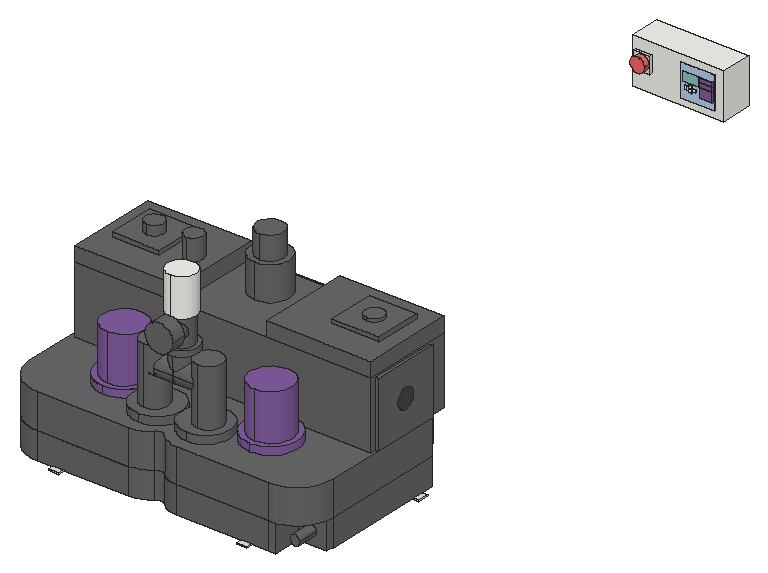
Revit family "11030", category Generic Models, Revit 2021
Family settings
  Can host rebar = No
  Round Connector Dimension = Use Diameter
  Part Type = Normal
  Work Plane-Based = No
  Always vertical = Yes
  Cut with Voids When Loaded = No
  Shared = Yes
  Room Calculation Point = No
Parameters (values of type "11030")
  SUPPLIER = "KESSEL"
  SA700ID49 = "Protection Class I"
  SA700ID48 = "no"
  SA700ID47 = "no"
  SA700ID46 = "yes"
  SA700ID37 = 8000 mm
  SA700ID34 = 40
  SA700ID33 = 1.4 W
  SA700ID32 = 109.59 kg
  SA700ID31 = 1
  SA700ID30 = 2
  SA700ID29 = "RWDR"
  SA700ID21 = 800
  SA700ID10 = "yes"
  SA700ID08 = 400 V
  PROCUREWEBLINK = "https://p.caden.as/kessel/11030"
  PROCURELINK = "p.caden.as/kessel/11030"
  PROCUREDATALASTUPDATE = "2024-05-22T12:17:49.308226711+01:00"
  PREVIEW = "../../_pool_/9e/93/11030.png"
  PRC_SPECIFICATIONLINK = "https://ausschreiben.de/catalog/kessel/catalogItem/760a9cfd-4faf-4e05-b26a-7d9deb1058a4"
  NN = "Lifting station Aqualift F XL"
  NBSYN = "$SA810ID03."
  NB = "11030"
  Model = "11030"
  Manufacturer = "KESSEL"
  MIdent = "{$CADENAS_DATA/23d-libs/kessel/kessel_vdi_import/4/entwaesserung/hebeanlage20aqualift20f20xl.prj},201 {STYP=ASS},{VTYP=3D},{NB=11030},{LINA=11030},{NN=Lifting station Aqualift F XL},{DATE=21.11.2022 10:48:11},{GEOMDATE=21.11.2022 10:48:11},{VERSION=},{LINEID=310},{WBVAR=LODLEVEL},{WBNUMERIC=LODLEVEL}  {NB=11030},{LINA=11030},{KT=DUMMY},{PREVIEW=../../_pool_/9e/93/11030.png},{SA700ID04=Hebeanlage Aqualift F XL 300 l, Duo, SPF 1500-S3, Schieber},{SA810ID06=04026092056974},{SA700ID34=40.00},{SA010ID03=201805},{SA810ID03=11030},{SA810ID10=Aqualift F XL 1500W-S3 Duo 300L m.S.KESSEL Aqualift F XL Hebeanlage für fäkalienhaltiges und fäkalienfreies Abwasser. Zur Aufstellung in frostgeschützten Räumen.Duoanlage mit zwei Pumpen des Typs SPF 1500-S3 Sammelbehälter aus Polyethylen, mit verschraubter Reinigungsöffnung,Anschlussstutzen für Zulauf von oben DN100/150.Inklusive Tauchrohr zur pneumatischen Niveauerfassung,Entlüftungsanschluss DN 70 und Anschluss für eine Handmembranpumpe DN 32.Behälter inklusive Haltewinkel zur Auftriebssicherung.Behältervolumen 300 Liter, max. Nutzvolumen bei Zulauf von oben ca. 175 Liter.Zwei seitliche und drei rückseitige Anbohrflächen zur Montage weiterer Zuläufe bis DN 200 unter Verwendung von Durchgangsdichtungen.Inklusive KESSEL Schaltgerät Aqualift Comfort 400 V.Anwenderfreundliche Menüführung im mehrzeiligem Display. MitSelbstdiagnosesystem (SDS) und Erinnerungsfunktion für nächste Wartung.Anzeige der aktuellen Messwerte. Einfache Einstellung derfunktionsrelevanten Parameter, inklusive Betriebsstundenzähler und potentialfreiem Kontakt. Optionale Weiterleitung von Alarm- und Sammelstörmeldung über GSM Schnittstelle.Schaltgerät mit Volltextanzeige in sechs Sprachen.Abwasserpumpe(n) mit Freistromrad zur Förderung von fäkalienfreiem und fäkalienhaltigem Abwasser gemäß DIN EN 12050-1. Freier Kugeldurchgang mindestens 40 mm. Pumpe(n) überflutungssicher.Inklusive Rückflussverhinderer, mit Druckabgang aus Kunststoff DN 100. Inklusive Absperrschieber.Pumpe(n) Typ SPF 1500-S3Fördermenge: max. 40 m³/hFörderhöhe: max. 8 mNennleistung (P2): 1,1 KW je PumpeAufnahmeleistung (P1): 1,4 KW je PumpeBetriebsspannung: 400 V DSNennfrequenz: 50 HzNennstrom: 2,7 AAbsicherung: 3 x 16 A trägeSchutzart (Pumpe): IP68 3mWS/48hSchutzart (Schaltgerät): IP 65Bertiebsart: S3 (50 % Einschaltdauer)Kabellänge: 5 mAußenmaße Anlage mit 300 Liter Behälter (BxTxH): 1260 x 760 x 770 mm},{SA700ID37=8.00},{SA700ID33=1.40},{SA700ID08=400},{SA700ID30=2},{SA700ID32=109.59},{SA700ID49=Schutzklasse I},{SA700ID50=intern},{SA200ID03=6},{SA250ID03=vertikal},{SA260ID03=Trockenläuferpumpe},{SA350ID03=normalansaugend},{SA400ID03=E-Motor für Drehstrom},{SA460ID03=direkt},{SA500ID03=Kunststoff, Edelstahl},{SA700ID06=100},{SA700ID07=100},{SA700ID09=3/N/PE 400V},{SA700ID10=Ja},{SA700ID11=50},{SA700ID12=IP 68},{SA700ID13=F},{SA700ID15=40},{SA700ID21=800.00},{SA700ID22=1.10},{SA700ID23=1415},{SA700ID24=1415},{SA700ID26=2.70},{SA700ID27=21.00},{SA700ID28=durchgehend},{SA700ID29=RWDR},{SA700ID31=1},{SA700ID46=ja},{SA700ID47=nein},{SA700ID48=nein},{SA110ID04=Hebeanlage Aqualift F XL},{SA300ID03=einstufig},{SA700ID44=10.00},{SA700ID45=10.00},{SA010ID04=KESSEL AG},{LODLEVEL=200},{LINK=https://www.kessel.de/info?han=11030},{SA970ID01=970},{SA970ID02=7174},{SA970ID03=11030},{SA970ID04=11002617},{SA970ID05=QUAD},{SA970ID06=-655.5},{SA970ID07=-636},{SA970ID08=0},{SA970ID09=1},{SA970ID10=0},{SA970ID11=0},{SA970ID12=0},{SA970ID13=1},{SA970ID14=0},{SA970ID15=1311},{SA970ID16=786.5},{SA970ID17=819},{LODLEVEL_=200,'Low'},{LODLEVEL_DEU=200,'Low'},{LINK_=https://www.kessel.de/info?han=11030},{LINK_DEU=https://www.kessel.de/info?han=11030},{LODLEVEL_3DB=11030_200},{DNIN1=100},{DNIN2=70},{DNIN4=10},{DNIN5=10},{DNIN6=50},{DNIN7=50},{DNIN8=50},{DNIN9=50},{DNOUT1=32},{DNOUT2=100},{DNOUT3=70},{ISD1=96},{ISD2=10},{ISDOUT1=40},{ISDOUT2=85},{ISDOUT3=70},{SA010ID01=010},{SA010ID02=4},{SA010ID06=www.kessel.de},{SA010ID07=www.kessel.de},{SA010ID12=20180713},{SA010ID13=DEU},{SA010ID14=DE},{SA100ID01=100},{SA100ID02=4},{SA100ID04=Entwässerung},{SA110ID01=110},{SA110ID02=6},{SA200ID01=200},{SA200ID02=6},{SA250ID01=250},{SA250ID02=2},{SA260ID01=260},{SA260ID02=2},{SA300ID01=300},{SA300ID02=1},{SA350ID01=350},{SA350ID02=1},{SA400ID01=400},{SA400ID02=2},{SA460ID01=460},{SA460ID02=1},{SA500ID01=500},{SA500ID02=1},{SA700ID01=700},{SA700ID02=48},{SA700ID10_=1},{SA700ID16=0},{SA700ID25=0},{SA700ID46_=1},{SA700ID47_=0},{SA700ID48_=0},{SA700ID49_=1},{SA700ID50_=2},{SA800ID01=800},{SA800ID02=12},{SA810ID01=810},{SA810ID02=48},{SA810ID04=11030},{SA810ID07=48},{SA810ID09=1},{SA810ID14=PCE},{SA810ID15=1},{SA810ID16=NMP},{SA960ID03=48},{SA960ID04=3L},{SA960ID08=https://www.kessel.de/info?han=11030},{SA010ID08=4026092000007},{SA100ID05=Hebeanlage},{SA110ID06=Hebeanlage}"
  LINK = "https://www.kessel.de/info?han=11030"
  LINA = "11030"
  Default Elevation = 0 mm
  CREATOR = "CADENAS GmbH"
  CATALOG = "KESSEL"
  BOMINFO = "LINA"
  ARTICLENO = "NB"
  4.810.00.9 Order quantity (multiplicator) = "1"
  4.810.00.7 Media- connection number = "48"
  4.810.00.6 GTIN number = "04026092056974"
  4.810.00.4 DATANORM number = "11030"
  4.810.00.3 Producer order number = "11030"
  4.710.03.7 Mass (net) = 109.59 kg
  4.710.03.6 Height = 806 mm
  4.710.03.5 Width = 760 mm
  4.710.03.4 Length = 1260 mm
  4.710.03.3 Type of dimensions = "2"
  4.710.02.8 Area of application of wastewater pump = "1"
  4.710.02.7 Art des S2/S3-Betriebs = "50 %"
  4.710.02.6 Duty type = "S3"
  4.710.02.5 Cutting device = "0"
  4.710.02.4 Attached pump control = "1"
  4.710.02.3 Free passage = 40 mm
  4.710.01.6 Option to connect to building automation = "40"
  4.710.01.5 Load regulation = "0"
  4.710.01.4 Designation of closed-loop control = "175"
  4.710.01.3 Identifier for closed-loop control = "300"
  4.700.00.9 Voltage = 0
  4.700.00.8 Nominal connection size on suction side = "100"
  4.700.00.7 Nominal connection size on pressure side = "100"
  4.700.00.6 Type of connection = "100"
  4.700.00.4 Product indentification = "Hebeanlage Aqualift F XL 300 l, Duo, SPF 1500-S3, Schieber"
  4.700.00.28 Motor pump shaft = "durchgehend"
  4.700.00.27 Starting current = 21
  4.700.00.26 Maximum power consumption per pump / drive = 2.7
  4.700.00.25 Minimum speed at internal speed adjustment = 0
  4.700.00.24 Nominal speed / maximum speed n = 23.5833
  4.700.00.23 Nominal speed of motor = 23.5833
  4.700.00.22 Maximum shaft output (P2) per pump/drive = 1.1 W
  4.700.00.16 Maximum temperature of pumped medium = 0 °C
  4.700.00.15 Increased safety class = "40 °C"
  4.700.00.13 Type of protection = "F"
  4.700.00.12 Frequency = 0
  4.700.00.11 Stern-/Dreieck-Anlaufschaltung bei Dreiphasenanschluss oder Drehstrom = "50 Hz"
  4.700.00.10 Phase = "1"
  4.500.00.3 Variant / Variant type / Accessories-name = "Kunststoff, Edelstahl"
  4.460.00.3 Variant / Variant type / Accessories-name = "direkt"
  4.400.00.3 Variant / Variant type / Accessories-name = "E-Motor für Drehstrom"
  4.350.00.3 Variant / Variant type / Accessories-name = "normalansaugend"
  4.300.00.3 Variant / Variant type / Accessories-name = "einstufig"
  4.260.00.3 Variant / Variant type / Accessories-name = "Trockenläuferpumpe"
  4.250.00.3 Variant / Variant type / Accessories-name = "vertikal"
  4.200.00.3 Variant / Variant type / Accessories-name = "6"
  4.110.00.6 Product classification = "Hebeanlage"
  4.110.00.4 Product indentification = "Hebeanlage Aqualift F XL"
  4.100.00.5 Main groups of wares = "Hebeanlage"
  4.100.00.4 Product indentification = "Entwässerung"
  4.010.00.8 Producer ID number = "4026092000007"
  4.010.00.7 Comment = "www.kessel.de"
  4.010.00.6 Web address of the manufacturer = "www.kessel.de"
  4.010.00.4 Manufacturer name = "KESSEL AG"
  4.010.00.3 Date of issuance (month) of guideline = "201805"
  4.010.00.2 Sheet number of the guideline = "4"
  4.010.00.14 Kennungen der Projektländer, für die die Datei gültig ist = "DE"
  4.010.00.13 Sprache der Datei = "DEU"
  4.010.00.12 Stand des Herstellerkatalogs = "20180713"
Reference planes
  plane 1 "Center (Front/Back)": y = 0
  plane 2: z = 0
  plane 3 "Center (Left/Right)": x = 0
Dimensions and locks
  aligned and locked: level to plane 2
Nested families
  nested 1: "11030_content" at (0, 0, 0), type "11030_Content"
  nested 2: "11030_part1_X0Y0" at (1000, 1000, 1200), type "11030_PART1_X0Y0"
  nested 3: "11030_part2_X0Y0" at (0, 0, 0), type "11030_PART2_X0Y0"
Connectors
  electrical at (861, 933, 1201.5)
    settings: on nested 2, index 1, voltage 0 V, apparent load 0 VA, apparent load phase1 0 VA, apparent load phase2 0 VA, apparent load phase3 0 VA, power factor 1, load classification "Other", number of poles 1, system type 31, power factor state 1, is connector primary yes, connector utility no, sub classification motor no, connector description ""
  piping at (0, 0, 771), diameter 100
    settings: on nested 3, index 2, connector inside diameter 609.6 mm, connector length 0 mm, flow factor 0, pipe flow 0.0 L/s, pressure drop 0.0 Pa, fitting loss kfactor 0, connector angle 0.00°, fixture units 0, engagement length 0 mm, angle of deflection 0.00°, flow configuration 0, flow direction 1, fitting loss method 2, system type 8, joint type 0, gender type 0, connector reference index -1, connector utility 0, adjustable connector no, is connector primary yes, connector description ""
  piping at (631, -85, 392), diameter 70
    settings: on nested 3, index 3, connector inside diameter 609.6 mm, connector length 0 mm, flow factor 0, pipe flow 0.0 L/s, pressure drop 0.0 Pa, fitting loss kfactor 0, connector angle 0.00°, fixture units 0, engagement length 0 mm, angle of deflection 0.00°, flow configuration 0, flow direction 0, fitting loss method 2, system type 8, joint type 0, gender type 0, connector reference index -1, connector utility 0, adjustable connector no, is connector primary no, connector description ""
  piping at (358.7, 150.5, 392), diameter 70
    settings: on nested 3, index 4, connector inside diameter 609.6 mm, connector length 0 mm, flow factor 0, pipe flow 0.0 L/s, pressure drop 0.0 Pa, fitting loss kfactor 0, connector angle 0.00°, fixture units 0, engagement length 0 mm, angle of deflection 0.00°, flow configuration 0, flow direction 0, fitting loss method 2, system type 8, joint type 0, gender type 0, connector reference index -1, connector utility 0, adjustable connector no, is connector primary no, connector description ""
  piping at (0, 150.5, 392), diameter 70
    settings: on nested 3, index 5, connector inside diameter 609.6 mm, connector length 0 mm, flow factor 0, pipe flow 0.0 L/s, pressure drop 0.0 Pa, fitting loss kfactor 0, connector angle 0.00°, fixture units 0, engagement length 0 mm, angle of deflection 0.00°, flow configuration 0, flow direction 0, fitting loss method 2, system type 8, joint type 0, gender type 0, connector reference index -1, connector utility 0, adjustable connector no, is connector primary no, connector description ""
  piping at (-357.7, 150.5, 392), diameter 70
    settings: on nested 3, index 6, connector inside diameter 609.6 mm, connector length 0 mm, flow factor 0, pipe flow 0.0 L/s, pressure drop 0.0 Pa, fitting loss kfactor 0, connector angle 0.00°, fixture units 0, engagement length 0 mm, angle of deflection 0.00°, flow configuration 0, flow direction 0, fitting loss method 2, system type 8, joint type 0, gender type 0, connector reference index -1, connector utility 0, adjustable connector no, is connector primary no, connector description ""
  piping at (-630, -85, 392), diameter 70
    settings: on nested 3, index 7, connector inside diameter 609.6 mm, connector length 0 mm, flow factor 0, pipe flow 0.0 L/s, pressure drop 0.0 Pa, fitting loss kfactor 0, connector angle 0.00°, fixture units 0, engagement length 0 mm, angle of deflection 0.00°, flow configuration 0, flow direction 0, fitting loss method 2, system type 8, joint type 0, gender type 0, connector reference index -1, connector utility 0, adjustable connector no, is connector primary no, connector description ""
  piping at (0, -578, 611), diameter 100
    settings: on nested 3, index 8, connector inside diameter 609.6 mm, connector length 0 mm, flow factor 0, pipe flow 0.0 L/s, pressure drop 0.0 Pa, fitting loss kfactor 0, connector angle 0.00°, fixture units 0, engagement length 0 mm, angle of deflection 0.00°, flow configuration 0, flow direction 2, fitting loss method 2, system type 7, joint type 0, gender type 0, connector reference index -1, connector utility 0, adjustable connector no, is connector primary no, connector description ""
  piping at (-269.5, -60, 681), diameter 70
    settings: on nested 3, index 9, connector inside diameter 609.6 mm, connector length 0 mm, flow factor 0, pipe flow 0.0 L/s, pressure drop 0.0 Pa, fitting loss kfactor 0, connector angle 0.00°, fixture units 0, engagement length 0 mm, angle of deflection 0.00°, flow configuration 0, flow direction 2, fitting loss method 2, system type 7, joint type 0, gender type 0, connector reference index -1, connector utility 0, adjustable connector no, is connector primary no, connector description ""
  piping at (565, -575.5, 56), diameter 32
    settings: on nested 3, index 10, connector inside diameter 609.6 mm, connector length 0 mm, flow factor 0, pipe flow 0.0 L/s, pressure drop 0.0 Pa, fitting loss kfactor 0, connector angle 0.00°, fixture units 0, engagement length 0 mm, angle of deflection 0.00°, flow configuration 0, flow direction 2, fitting loss method 2, system type 7, joint type 0, gender type 0, connector reference index -1, connector utility 0, adjustable connector no, is connector primary no, connector description ""
  electrical at (305.4, -376.25, 477)
    settings: on nested 3, index 11, voltage 0 V, apparent load 0 VA, apparent load phase1 0 VA, apparent load phase2 0 VA, apparent load phase3 0 VA, power factor 1, load classification "Other", number of poles 1, system type 31, power factor state 1, is connector primary no, connector utility no, sub classification motor no, connector description ""
  electrical at (-305.4, -376.25, 477)
    settings: on nested 3, index 12, voltage 0 V, apparent load 0 VA, apparent load phase1 0 VA, apparent load phase2 0 VA, apparent load phase3 0 VA, power factor 1, load classification "Other", number of poles 1, system type 31, power factor state 1, is connector primary no, connector utility no, sub classification motor no, connector description ""
  electrical at (-457, -29.5, 650)
    settings: on nested 3, index 13, voltage 0 V, apparent load 0 VA, apparent load phase1 0 VA, apparent load phase2 0 VA, apparent load phase3 0 VA, power factor 1, load classification "Other", number of poles 1, system type 31, power factor state 1, is connector primary no, connector utility no, sub classification motor no, connector description ""
Definition of nested family "11030_part1_X0Y0"
  Parameters (values of type "11030_PART1_X0Y0")
    SUPPLIER = "KESSEL"
    SA700ID49 = "Protection Class I"
    SA700ID48 = "no"
    SA700ID47 = "no"
    SA700ID46 = "yes"
    SA700ID37 = 8000 mm
    SA700ID34 = 40
    SA700ID33 = 1.4 W
    SA700ID32 = 109.59 kg
    SA700ID31 = 1
    SA700ID30 = 2
    SA700ID29 = "RWDR"
    SA700ID21 = 800
    SA700ID10 = "yes"
    SA700ID08 = 400 V
    PREVIEW = "../../_pool_/9e/93/11030.png"
    NBSYN = "$SA810ID03._PART1"
    NB = "11030_PART1"
    Model = "11030_PART1"
    Manufacturer = "KESSEL"
    MIdent = "{$CADENAS_DATA/23d-libs/kessel/kessel_vdi_import/4/entwaesserung/hebeanlage20aqualift20f20xl.prj},221 {VTYP=3D},{NB=11030_PART1},{LINA=11030_PART1},{NN=Lifting station Aqualift F XL_PART1},{NOPRJ=TRUE},{DATE=21.11.2022 10:48:11},{GEOMDATE=21.11.2022 10:48:11},{VERSION=},{LINEID=310},{WBVAR=LODLEVEL},{WBNUMERIC=LODLEVEL}  {NB=11030_PART1},{LINA=11030_PART1},{KT=DUMMY},{PREVIEW=../../_pool_/9e/93/11030.png},{SA700ID04=Hebeanlage Aqualift F XL 300 l, Duo, SPF 1500-S3, Schieber},{SA810ID06=04026092056974},{SA700ID34=40.00},{SA010ID03=201805},{SA810ID03=11030},{SA810ID10=Aqualift F XL 1500W-S3 Duo 300L m.S.KESSEL Aqualift F XL Hebeanlage für fäkalienhaltiges und fäkalienfreies Abwasser. Zur Aufstellung in frostgeschützten Räumen.Duoanlage mit zwei Pumpen des Typs SPF 1500-S3 Sammelbehälter aus Polyethylen, mit verschraubter Reinigungsöffnung,Anschlussstutzen für Zulauf von oben DN100/150.Inklusive Tauchrohr zur pneumatischen Niveauerfassung,Entlüftungsanschluss DN 70 und Anschluss für eine Handmembranpumpe DN 32.Behälter inklusive Haltewinkel zur Auftriebssicherung.Behältervolumen 300 Liter, max. Nutzvolumen bei Zulauf von oben ca. 175 Liter.Zwei seitliche und drei rückseitige Anbohrflächen zur Montage weiterer Zuläufe bis DN 200 unter Verwendung von Durchgangsdichtungen.Inklusive KESSEL Schaltgerät Aqualift Comfort 400 V.Anwenderfreundliche Menüführung im mehrzeiligem Display. MitSelbstdiagnosesystem (SDS) und Erinnerungsfunktion für nächste Wartung.Anzeige der aktuellen Messwerte. Einfache Einstellung derfunktionsrelevanten Parameter, inklusive Betriebsstundenzähler und potentialfreiem Kontakt. Optionale Weiterleitung von Alarm- und Sammelstörmeldung über GSM Schnittstelle.Schaltgerät mit Volltextanzeige in sechs Sprachen.Abwasserpumpe(n) mit Freistromrad zur Förderung von fäkalienfreiem und fäkalienhaltigem Abwasser gemäß DIN EN 12050-1. Freier Kugeldurchgang mindestens 40 mm. Pumpe(n) überflutungssicher.Inklusive Rückflussverhinderer, mit Druckabgang aus Kunststoff DN 100. Inklusive Absperrschieber.Pumpe(n) Typ SPF 1500-S3Fördermenge: max. 40 m³/hFörderhöhe: max. 8 mNennleistung (P2): 1,1 KW je PumpeAufnahmeleistung (P1): 1,4 KW je PumpeBetriebsspannung: 400 V DSNennfrequenz: 50 HzNennstrom: 2,7 AAbsicherung: 3 x 16 A trägeSchutzart (Pumpe): IP68 3mWS/48hSchutzart (Schaltgerät): IP 65Bertiebsart: S3 (50 % Einschaltdauer)Kabellänge: 5 mAußenmaße Anlage mit 300 Liter Behälter (BxTxH): 1260 x 760 x 770 mm},{SA700ID37=8.00},{SA700ID33=1.40},{SA700ID08=400},{SA700ID30=2},{SA700ID32=109.59},{SA700ID49=Schutzklasse I},{SA700ID50=intern},{SA200ID03=6},{SA250ID03=vertikal},{SA260ID03=Trockenläuferpumpe},{SA350ID03=normalansaugend},{SA400ID03=E-Motor für Drehstrom},{SA460ID03=direkt},{SA500ID03=Kunststoff, Edelstahl},{SA700ID06=100},{SA700ID07=100},{SA700ID09=3/N/PE 400V},{SA700ID10=Ja},{SA700ID11=50},{SA700ID12=IP 68},{SA700ID13=F},{SA700ID15=40},{SA700ID21=800.00},{SA700ID22=1.10},{SA700ID23=1415},{SA700ID24=1415},{SA700ID26=2.70},{SA700ID27=21.00},{SA700ID28=durchgehend},{SA700ID29=RWDR},{SA700ID31=1},{SA700ID46=ja},{SA700ID47=nein},{SA700ID48=nein},{SA110ID04=Hebeanlage Aqualift F XL},{SA300ID03=einstufig},{SA700ID44=10.00},{SA700ID45=10.00},{SA010ID04=KESSEL AG},{LODLEVEL=200},{LINK=https://www.kessel.de/info?han=11030},{SA970ID01=970},{SA970ID02=7174},{SA970ID03=11030},{SA970ID04=11002617},{SA970ID05=QUAD},{SA970ID06=-655.5},{SA970ID07=-636},{SA970ID08=0},{SA970ID09=1},{SA970ID10=0},{SA970ID11=0},{SA970ID12=0},{SA970ID13=1},{SA970ID14=0},{SA970ID15=1311},{SA970ID16=786.5},{SA970ID17=819},{LODLEVEL_=200,'Low'},{LODLEVEL_DEU=200,'Low'},{LINK_=https://www.kessel.de/info?han=11030},{LINK_DEU=https://www.kessel.de/info?han=11030},{LODLEVEL_3DB=11030_200},{DNIN1=100},{DNIN2=70},{DNIN4=10},{DNIN5=10},{DNIN6=50},{DNIN7=50},{DNIN8=50},{DNIN9=50},{DNOUT1=32},{DNOUT2=100},{DNOUT3=70},{ISD1=96},{ISD2=10},{ISDOUT1=40},{ISDOUT2=85},{ISDOUT3=70},{SA010ID01=010},{SA010ID02=4},{SA010ID06=www.kessel.de},{SA010ID07=www.kessel.de},{SA010ID12=20180713},{SA010ID13=DEU},{SA010ID14=DE},{SA100ID01=100},{SA100ID02=4},{SA100ID04=Entwässerung},{SA110ID01=110},{SA110ID02=6},{SA200ID01=200},{SA200ID02=6},{SA250ID01=250},{SA250ID02=2},{SA260ID01=260},{SA260ID02=2},{SA300ID01=300},{SA300ID02=1},{SA350ID01=350},{SA350ID02=1},{SA400ID01=400},{SA400ID02=2},{SA460ID01=460},{SA460ID02=1},{SA500ID01=500},{SA500ID02=1},{SA700ID01=700},{SA700ID02=48},{SA700ID10_=1},{SA700ID16=0},{SA700ID25=0},{SA700ID46_=1},{SA700ID47_=0},{SA700ID48_=0},{SA700ID49_=1},{SA700ID50_=2},{SA800ID01=800},{SA800ID02=12},{SA810ID01=810},{SA810ID02=48},{SA810ID04=11030},{SA810ID07=48},{SA810ID09=1},{SA810ID14=PCE},{SA810ID15=1},{SA810ID16=NMP},{SA960ID03=48},{SA960ID04=3L},{SA960ID08=https://www.kessel.de/info?han=11030},{SA010ID08=4026092000007},{SA100ID05=Hebeanlage},{SA110ID06=Hebeanlage}"
    LINK = "https://www.kessel.de/info?han=11030"
    LINA = "11030_PART1"
    Default Elevation = 1219.2 mm
    CREATOR = "CADENAS GmbH"
    CATALOG = "KESSEL"
    BOMINFO = "LINA"
    ARTICLENO = "NB"
    4.810.00.9 Order quantity (multiplicator) = "1"
    4.810.00.7 Media- connection number = "48"
    4.810.00.6 GTIN number = "04026092056974"
    4.810.00.4 DATANORM number = "11030"
    4.810.00.3 Producer order number = "11030"
    4.710.03.7 Mass (net) = 109.59 kg
    4.710.03.6 Height = 806 mm
    4.710.03.5 Width = 760 mm
    4.710.03.4 Length = 1260 mm
    4.710.03.3 Type of dimensions = "2"
    4.710.02.8 Area of application of wastewater pump = "1"
    4.710.02.7 Art des S2/S3-Betriebs = "50 %"
    4.710.02.6 Duty type = "S3"
    4.710.02.5 Cutting device = "0"
    4.710.02.4 Attached pump control = "1"
    4.710.02.3 Free passage = 40 mm
    4.710.01.6 Option to connect to building automation = "40"
    4.710.01.5 Load regulation = "0"
    4.710.01.4 Designation of closed-loop control = "175"
    4.710.01.3 Identifier for closed-loop control = "300"
    4.700.00.9 Voltage = 0
    4.700.00.8 Nominal connection size on suction side = "100"
    4.700.00.7 Nominal connection size on pressure side = "100"
    4.700.00.6 Type of connection = "100"
    4.700.00.4 Product indentification = "Hebeanlage Aqualift F XL 300 l, Duo, SPF 1500-S3, Schieber"
    4.700.00.28 Motor pump shaft = "durchgehend"
    4.700.00.27 Starting current = 21
    4.700.00.26 Maximum power consumption per pump / drive = 2.7
    4.700.00.25 Minimum speed at internal speed adjustment = 0
    4.700.00.24 Nominal speed / maximum speed n = 23.5833
    4.700.00.23 Nominal speed of motor = 23.5833
    4.700.00.22 Maximum shaft output (P2) per pump/drive = 1.1 W
    4.700.00.16 Maximum temperature of pumped medium = 0 °C
    4.700.00.15 Increased safety class = "40 °C"
    4.700.00.13 Type of protection = "F"
    4.700.00.12 Frequency = 0
    4.700.00.11 Stern-/Dreieck-Anlaufschaltung bei Dreiphasenanschluss oder Drehstrom = "50 Hz"
    4.700.00.10 Phase = "1"
    4.500.00.3 Variant / Variant type / Accessories-name = "Kunststoff, Edelstahl"
    4.460.00.3 Variant / Variant type / Accessories-name = "direkt"
    4.400.00.3 Variant / Variant type / Accessories-name = "E-Motor für Drehstrom"
    4.350.00.3 Variant / Variant type / Accessories-name = "normalansaugend"
    4.300.00.3 Variant / Variant type / Accessories-name = "einstufig"
    4.260.00.3 Variant / Variant type / Accessories-name = "Trockenläuferpumpe"
    4.250.00.3 Variant / Variant type / Accessories-name = "vertikal"
    4.200.00.3 Variant / Variant type / Accessories-name = "6"
    4.110.00.6 Product classification = "Hebeanlage"
    4.110.00.4 Product indentification = "Hebeanlage Aqualift F XL"
    4.100.00.5 Main groups of wares = "Hebeanlage"
    4.100.00.4 Product indentification = "Entwässerung"
    4.010.00.8 Producer ID number = "4026092000007"
    4.010.00.7 Comment = "www.kessel.de"
    4.010.00.6 Web address of the manufacturer = "www.kessel.de"
    4.010.00.4 Manufacturer name = "KESSEL AG"
    4.010.00.3 Date of issuance (month) of guideline = "201805"
    4.010.00.2 Sheet number of the guideline = "4"
    4.010.00.14 Kennungen der Projektländer, für die die Datei gültig ist = "DE"
    4.010.00.13 Sprache der Datei = "DEU"
    4.010.00.12 Stand des Herstellerkatalogs = "20180713"
  Reference planes
    plane 1 "Center (Front/Back)": y = 0
    plane 2: z = 0
    plane 3 "Center (Left/Right)": x = 0
  Dimensions and locks
    aligned and locked: level to plane 2
  Nested families
    nested 1: "11030_part1_content" at (0, 0, 0), type "11030_PART1_Content"
  Definition of nested family "11030_part1_content"
    Parameters (values of type "11030_PART1_Content")
      SUPPLIER = "KESSEL"
      SA700ID49 = "Protection Class I"
      SA700ID48 = "no"
      SA700ID47 = "no"
      SA700ID46 = "yes"
      SA700ID37 = 8000 mm
      SA700ID34 = 40
      SA700ID33 = 1.4 W
      SA700ID32 = 109.59 kg
      SA700ID31 = 1
      SA700ID30 = 2
      SA700ID29 = "RWDR"
      SA700ID21 = 800
      SA700ID10 = "yes"
      SA700ID08 = 400 V
      PREVIEW = "../../_pool_/9e/93/11030.png"
      NBSYN = "$SA810ID03._PART1"
      NB = "11030_PART1"
      Model = "11030_PART1"
      Manufacturer = "KESSEL"
      LINK = "https://www.kessel.de/info?han=11030"
      LINA = "11030_PART1"
      Default Elevation = 1219.2 mm
      CREATOR = "CADENAS GmbH"
      CATALOG = "KESSEL"
      BOMINFO = "LINA"
      ARTICLENO = "NB"
      4.810.00.9 Order quantity (multiplicator) = "1"
      4.810.00.7 Media- connection number = "48"
      4.810.00.6 GTIN number = "04026092056974"
      4.810.00.4 DATANORM number = "11030"
      4.810.00.3 Producer order number = "11030"
      4.710.03.7 Mass (net) = 109.59 kg
      4.710.03.6 Height = 806 mm
      4.710.03.5 Width = 760 mm
      4.710.03.4 Length = 1260 mm
      4.710.03.3 Type of dimensions = "2"
      4.710.02.8 Area of application of wastewater pump = "1"
      4.710.02.7 Art des S2/S3-Betriebs = "50 %"
      4.710.02.6 Duty type = "S3"
      4.710.02.5 Cutting device = "0"
      4.710.02.4 Attached pump control = "1"
      4.710.02.3 Free passage = 40 mm
      4.710.01.6 Option to connect to building automation = "40"
      4.710.01.5 Load regulation = "0"
      4.710.01.4 Designation of closed-loop control = "175"
      4.710.01.3 Identifier for closed-loop control = "300"
      4.700.00.9 Voltage = 0
      4.700.00.8 Nominal connection size on suction side = "100"
      4.700.00.7 Nominal connection size on pressure side = "100"
      4.700.00.6 Type of connection = "100"
      4.700.00.4 Product indentification = "Hebeanlage Aqualift F XL 300 l, Duo, SPF 1500-S3, Schieber"
      4.700.00.28 Motor pump shaft = "durchgehend"
      4.700.00.27 Starting current = 21
      4.700.00.26 Maximum power consumption per pump / drive = 2.7
      4.700.00.25 Minimum speed at internal speed adjustment = 0
      4.700.00.24 Nominal speed / maximum speed n = 23.5833
      4.700.00.23 Nominal speed of motor = 23.5833
      4.700.00.22 Maximum shaft output (P2) per pump/drive = 1.1 W
      4.700.00.16 Maximum temperature of pumped medium = 0 °C
      4.700.00.15 Increased safety class = "40 °C"
      4.700.00.13 Type of protection = "F"
      4.700.00.12 Frequency = 0
      4.700.00.11 Stern-/Dreieck-Anlaufschaltung bei Dreiphasenanschluss oder Drehstrom = "50 Hz"
      4.700.00.10 Phase = "1"
      4.500.00.3 Variant / Variant type / Accessories-name = "Kunststoff, Edelstahl"
      4.460.00.3 Variant / Variant type / Accessories-name = "direkt"
      4.400.00.3 Variant / Variant type / Accessories-name = "E-Motor für Drehstrom"
      4.350.00.3 Variant / Variant type / Accessories-name = "normalansaugend"
      4.300.00.3 Variant / Variant type / Accessories-name = "einstufig"
      4.260.00.3 Variant / Variant type / Accessories-name = "Trockenläuferpumpe"
      4.250.00.3 Variant / Variant type / Accessories-name = "vertikal"
      4.200.00.3 Variant / Variant type / Accessories-name = "6"
      4.110.00.6 Product classification = "Hebeanlage"
      4.110.00.4 Product indentification = "Hebeanlage Aqualift F XL"
      4.100.00.5 Main groups of wares = "Hebeanlage"
      4.100.00.4 Product indentification = "Entwässerung"
      4.010.00.8 Producer ID number = "4026092000007"
      4.010.00.7 Comment = "www.kessel.de"
      4.010.00.6 Web address of the manufacturer = "www.kessel.de"
      4.010.00.4 Manufacturer name = "KESSEL AG"
      4.010.00.3 Date of issuance (month) of guideline = "201805"
      4.010.00.2 Sheet number of the guideline = "4"
      4.010.00.14 Kennungen der Projektländer, für die die Datei gültig ist = "DE"
      4.010.00.13 Sprache der Datei = "DEU"
      4.010.00.12 Stand des Herstellerkatalogs = "20180713"
    Reference planes
      plane 1 "Center (Front/Back)": y = 0
      plane 2: z = 0
      plane 3 "Center (Left/Right)": x = 0
    Forms (mm)
      Extrusion 1, solid, detail levels medium+fine
        sketch origin (189.25, -1.75, 0.2) x (0, -1, 0) y (0, 0, 1)
          loop
            line (0, 187.8) -> (0, 0) -> (127.75, 0) -> (127.75, 187.8) -> (0, 187.8)
        from 0 to 378.5
      Extrusion 2, solid, detail levels medium+fine
        sketch origin (-4, -67, 0) x (0, 1, 0) y (-1, 0, 0)
          loop
            circle (0, 0) r 12.5
        from 0 to 1.5
      Extrusion 3, solid, detail levels medium+fine
        sketch origin (150.8, -129.5, 26.5) x (0, -1, 0) y (0, 0, 1)
          loop
            line (-1.2, 134.8) -> (-1.2, 0) -> (0.25, 0) -> (0.25, 134.8) -> (-1.2, 134.8)
        from 0 to 139.9
      Extrusion 4, solid, detail levels medium+fine
        sketch origin (72.55, -129.75, 66) x (0, -1, 0) y (0, 0, 1)
          loop
            line (-1, 12) -> (-1, 0) -> (0.5, 0) -> (0.5, 12) -> (-1, 12)
        from 0 to 12
      Extrusion 5, solid, detail levels medium+fine
        sketch origin (84.45, -129.75, 93.4) x (0, -1, 0) y (0, 0, 1)
          loop
            line (-1, 37) -> (-1, 0) -> (0.5, 0) -> (0.5, 37) -> (-1, 37)
        from 0 to 66
      Extrusion 6, solid, detail levels medium+fine
        sketch origin (55.3, -129.75, 74) x (0, -1, 0) y (0, 0, 1)
          loop
            line (-1, 12) -> (-1, 0) -> (0.5, 0) -> (0.5, 12) -> (-1, 12)
        from 0 to 12
      Extrusion 7, solid, detail levels medium+fine
        sketch origin (143.3, -129.75, 94.4) x (0, -1, 0) y (0, 0, 1)
          loop
            line (0, 16) -> (0, 0) -> (1.75, 0) -> (1.75, 16) -> (0, 16)
        from 0 to 51
      Extrusion 8, solid, detail levels medium+fine
        sketch origin (143.3, -129.75, 54.4) x (0, -1, 0) y (0, 0, 1)
          loop
            line (0, 36) -> (0, 0) -> (1.75, 0) -> (1.75, 36) -> (0, 36)
        from 0 to 51
      Extrusion 9, solid, detail levels medium+fine
        sketch origin (55.3, -129.75, 57.5) x (0, -1, 0) y (0, 0, 1)
          loop
            line (-1, 12) -> (-1, 0) -> (0.5, 0) -> (0.5, 12) -> (-1, 12)
        from 0 to 12
      Extrusion 10, solid, detail levels medium+fine
        sketch origin (143.3, -129.75, 114.4) x (0, -1, 0) y (0, 0, 1)
          loop
            line (0, 16) -> (0, 0) -> (1.75, 0) -> (1.75, 16) -> (0, 16)
        from 0 to 51
      Extrusion 11, solid, detail levels medium+fine
        sketch origin (38.05, -129.75, 66) x (0, -1, 0) y (0, 0, 1)
          loop
            line (-1, 12) -> (-1, 0) -> (0.5, 0) -> (0.5, 12) -> (-1, 12)
        from 0 to 12
      Extrusion 12, solid, detail levels medium+fine
        sketch origin (47, -72, 0) x (0, 1, 0) y (-1, 0, 0)
          loop
            circle (0, 0) r 8
        from 0 to 1.5
      Extrusion 13, solid, detail levels medium+fine
        sketch origin (47, -42, 0) x (0, 1, 0) y (-1, 0, 0)
          loop
            circle (0, 0) r 5.25
        from 0 to 1.5
      Extrusion 14, solid, detail levels medium+fine
        sketch origin (77, -72, 0) x (0, 1, 0) y (-1, 0, 0)
          loop
            circle (0, 0) r 8
        from 0 to 1.5
      Extrusion 15, solid, detail levels medium+fine
        sketch origin (-94, -67, 0) x (0, 1, 0) y (-1, 0, 0)
          loop
            circle (0, 0) r 12.5
        from 0 to 1.5
      Extrusion 16, solid, detail levels medium+fine
        sketch origin (92, -42, 0) x (0, 1, 0) y (-1, 0, 0)
          loop
            circle (0, 0) r 8
        from 0 to 1.5
      Extrusion 17, solid, detail levels medium+fine
        sketch origin (107, -72, 0) x (0, 1, 0) y (-1, 0, 0)
          loop
            circle (0, 0) r 8
        from 0 to 1.5
      Extrusion 18, solid, detail levels medium+fine
        sketch origin (122, -42, 0) x (0, 1, 0) y (-1, 0, 0)
          loop
            circle (0, 0) r 8
        from 0 to 1.5
      Extrusion 19, solid, detail levels medium+fine
        sketch origin (-107.7, -129.5, 76.9) x (0, -1, 0) y (0, 0, 1)
          loop
            line (0, 67) -> (0, 0) -> (14, 0) -> (14, 67) -> (0, 67)
        from 0 to 67
      Extrusion 20, solid, detail levels medium+fine
        sketch origin (-141.2, -143.5, 110.4) x (1, 0, 0) y (0, 0, 1)
          loop
            circle (0, 0) r 30
        from 0 to 22
      Extrusion 21, solid, detail levels medium+fine
        sketch origin (127, -15, 0) x (0, 1, 0) y (-1, 0, 0)
          loop
            circle (0, 0) r 6
        from 0 to 1.5
      Extrusion 22, solid, detail levels medium+fine
        sketch origin (137, -72, 0) x (0, 1, 0) y (-1, 0, 0)
          loop
            circle (0, 0) r 8
        from 0 to 1.5
      Extrusion 23, solid, detail levels medium+fine
        sketch origin (-139, -67, 0) x (0, 1, 0) y (-1, 0, 0)
          loop
            circle (0, 0) r 12.5
        from 0 to 1.5
      Extrusion 24, solid, detail levels medium+fine
        sketch origin (152, -42, 0) x (0, 1, 0) y (-1, 0, 0)
          loop
            circle (0, 0) r 8
        from 0 to 1.5
      Extrusion 25, solid, detail levels coarse
        sketch origin (0, -83.625, 0) x (1, 0, 0) y (0, 1, 0)
          loop
            line (-189.25, -81.875) -> (189.25, -81.875) -> (189.25, 81.875) -> (-189.25, 81.875) -> (-189.25, -81.875)
        from 0 to 188
    Dimensions and locks
      aligned and locked: level to plane 2
Definition of nested family "11030_part2_X0Y0"
  Parameters (values of type "11030_PART2_X0Y0")
    SUPPLIER = "KESSEL"
    SA700ID49 = "Protection Class I"
    SA700ID48 = "no"
    SA700ID47 = "no"
    SA700ID46 = "yes"
    SA700ID37 = 8000 mm
    SA700ID34 = 40
    SA700ID33 = 1.4 W
    SA700ID32 = 109.59 kg
    SA700ID31 = 1
    SA700ID30 = 2
    SA700ID29 = "RWDR"
    SA700ID21 = 800
    SA700ID10 = "yes"
    SA700ID08 = 400 V
    PREVIEW = "../../_pool_/9e/93/11030.png"
    NBSYN = "$SA810ID03._PART2"
    NB = "11030_PART2"
    Model = "11030_PART2"
    Manufacturer = "KESSEL"
    MIdent = "{$CADENAS_DATA/23d-libs/kessel/kessel_vdi_import/4/entwaesserung/hebeanlage20aqualift20f20xl.prj},221 {VTYP=3D},{NB=11030_PART2},{LINA=11030_PART2},{NN=Lifting station Aqualift F XL_PART2},{NOPRJ=TRUE},{DATE=21.11.2022 10:48:11},{GEOMDATE=21.11.2022 10:48:11},{VERSION=},{LINEID=310},{WBVAR=LODLEVEL},{WBNUMERIC=LODLEVEL}  {NB=11030_PART2},{LINA=11030_PART2},{KT=DUMMY},{PREVIEW=../../_pool_/9e/93/11030.png},{SA700ID04=Hebeanlage Aqualift F XL 300 l, Duo, SPF 1500-S3, Schieber},{SA810ID06=04026092056974},{SA700ID34=40.00},{SA010ID03=201805},{SA810ID03=11030},{SA810ID10=Aqualift F XL 1500W-S3 Duo 300L m.S.KESSEL Aqualift F XL Hebeanlage für fäkalienhaltiges und fäkalienfreies Abwasser. Zur Aufstellung in frostgeschützten Räumen.Duoanlage mit zwei Pumpen des Typs SPF 1500-S3 Sammelbehälter aus Polyethylen, mit verschraubter Reinigungsöffnung,Anschlussstutzen für Zulauf von oben DN100/150.Inklusive Tauchrohr zur pneumatischen Niveauerfassung,Entlüftungsanschluss DN 70 und Anschluss für eine Handmembranpumpe DN 32.Behälter inklusive Haltewinkel zur Auftriebssicherung.Behältervolumen 300 Liter, max. Nutzvolumen bei Zulauf von oben ca. 175 Liter.Zwei seitliche und drei rückseitige Anbohrflächen zur Montage weiterer Zuläufe bis DN 200 unter Verwendung von Durchgangsdichtungen.Inklusive KESSEL Schaltgerät Aqualift Comfort 400 V.Anwenderfreundliche Menüführung im mehrzeiligem Display. MitSelbstdiagnosesystem (SDS) und Erinnerungsfunktion für nächste Wartung.Anzeige der aktuellen Messwerte. Einfache Einstellung derfunktionsrelevanten Parameter, inklusive Betriebsstundenzähler und potentialfreiem Kontakt. Optionale Weiterleitung von Alarm- und Sammelstörmeldung über GSM Schnittstelle.Schaltgerät mit Volltextanzeige in sechs Sprachen.Abwasserpumpe(n) mit Freistromrad zur Förderung von fäkalienfreiem und fäkalienhaltigem Abwasser gemäß DIN EN 12050-1. Freier Kugeldurchgang mindestens 40 mm. Pumpe(n) überflutungssicher.Inklusive Rückflussverhinderer, mit Druckabgang aus Kunststoff DN 100. Inklusive Absperrschieber.Pumpe(n) Typ SPF 1500-S3Fördermenge: max. 40 m³/hFörderhöhe: max. 8 mNennleistung (P2): 1,1 KW je PumpeAufnahmeleistung (P1): 1,4 KW je PumpeBetriebsspannung: 400 V DSNennfrequenz: 50 HzNennstrom: 2,7 AAbsicherung: 3 x 16 A trägeSchutzart (Pumpe): IP68 3mWS/48hSchutzart (Schaltgerät): IP 65Bertiebsart: S3 (50 % Einschaltdauer)Kabellänge: 5 mAußenmaße Anlage mit 300 Liter Behälter (BxTxH): 1260 x 760 x 770 mm},{SA700ID37=8.00},{SA700ID33=1.40},{SA700ID08=400},{SA700ID30=2},{SA700ID32=109.59},{SA700ID49=Schutzklasse I},{SA700ID50=intern},{SA200ID03=6},{SA250ID03=vertikal},{SA260ID03=Trockenläuferpumpe},{SA350ID03=normalansaugend},{SA400ID03=E-Motor für Drehstrom},{SA460ID03=direkt},{SA500ID03=Kunststoff, Edelstahl},{SA700ID06=100},{SA700ID07=100},{SA700ID09=3/N/PE 400V},{SA700ID10=Ja},{SA700ID11=50},{SA700ID12=IP 68},{SA700ID13=F},{SA700ID15=40},{SA700ID21=800.00},{SA700ID22=1.10},{SA700ID23=1415},{SA700ID24=1415},{SA700ID26=2.70},{SA700ID27=21.00},{SA700ID28=durchgehend},{SA700ID29=RWDR},{SA700ID31=1},{SA700ID46=ja},{SA700ID47=nein},{SA700ID48=nein},{SA110ID04=Hebeanlage Aqualift F XL},{SA300ID03=einstufig},{SA700ID44=10.00},{SA700ID45=10.00},{SA010ID04=KESSEL AG},{LODLEVEL=200},{LINK=https://www.kessel.de/info?han=11030},{SA970ID01=970},{SA970ID02=7174},{SA970ID03=11030},{SA970ID04=11002617},{SA970ID05=QUAD},{SA970ID06=-655.5},{SA970ID07=-636},{SA970ID08=0},{SA970ID09=1},{SA970ID10=0},{SA970ID11=0},{SA970ID12=0},{SA970ID13=1},{SA970ID14=0},{SA970ID15=1311},{SA970ID16=786.5},{SA970ID17=819},{LODLEVEL_=200,'Low'},{LODLEVEL_DEU=200,'Low'},{LINK_=https://www.kessel.de/info?han=11030},{LINK_DEU=https://www.kessel.de/info?han=11030},{LODLEVEL_3DB=11030_200},{DNIN1=100},{DNIN2=70},{DNIN4=10},{DNIN5=10},{DNIN6=50},{DNIN7=50},{DNIN8=50},{DNIN9=50},{DNOUT1=32},{DNOUT2=100},{DNOUT3=70},{ISD1=96},{ISD2=10},{ISDOUT1=40},{ISDOUT2=85},{ISDOUT3=70},{SA010ID01=010},{SA010ID02=4},{SA010ID06=www.kessel.de},{SA010ID07=www.kessel.de},{SA010ID12=20180713},{SA010ID13=DEU},{SA010ID14=DE},{SA100ID01=100},{SA100ID02=4},{SA100ID04=Entwässerung},{SA110ID01=110},{SA110ID02=6},{SA200ID01=200},{SA200ID02=6},{SA250ID01=250},{SA250ID02=2},{SA260ID01=260},{SA260ID02=2},{SA300ID01=300},{SA300ID02=1},{SA350ID01=350},{SA350ID02=1},{SA400ID01=400},{SA400ID02=2},{SA460ID01=460},{SA460ID02=1},{SA500ID01=500},{SA500ID02=1},{SA700ID01=700},{SA700ID02=48},{SA700ID10_=1},{SA700ID16=0},{SA700ID25=0},{SA700ID46_=1},{SA700ID47_=0},{SA700ID48_=0},{SA700ID49_=1},{SA700ID50_=2},{SA800ID01=800},{SA800ID02=12},{SA810ID01=810},{SA810ID02=48},{SA810ID04=11030},{SA810ID07=48},{SA810ID09=1},{SA810ID14=PCE},{SA810ID15=1},{SA810ID16=NMP},{SA960ID03=48},{SA960ID04=3L},{SA960ID08=https://www.kessel.de/info?han=11030},{SA010ID08=4026092000007},{SA100ID05=Hebeanlage},{SA110ID06=Hebeanlage}"
    LINK = "https://www.kessel.de/info?han=11030"
    LINA = "11030_PART2"
    Default Elevation = 1219.2 mm
    CREATOR = "CADENAS GmbH"
    CATALOG = "KESSEL"
    BOMINFO = "LINA"
    ARTICLENO = "NB"
    4.810.00.9 Order quantity (multiplicator) = "1"
    4.810.00.7 Media- connection number = "48"
    4.810.00.6 GTIN number = "04026092056974"
    4.810.00.4 DATANORM number = "11030"
    4.810.00.3 Producer order number = "11030"
    4.710.03.7 Mass (net) = 109.59 kg
    4.710.03.6 Height = 806 mm
    4.710.03.5 Width = 760 mm
    4.710.03.4 Length = 1260 mm
    4.710.03.3 Type of dimensions = "2"
    4.710.02.8 Area of application of wastewater pump = "1"
    4.710.02.7 Art des S2/S3-Betriebs = "50 %"
    4.710.02.6 Duty type = "S3"
    4.710.02.5 Cutting device = "0"
    4.710.02.4 Attached pump control = "1"
    4.710.02.3 Free passage = 40 mm
    4.710.01.6 Option to connect to building automation = "40"
    4.710.01.5 Load regulation = "0"
    4.710.01.4 Designation of closed-loop control = "175"
    4.710.01.3 Identifier for closed-loop control = "300"
    4.700.00.9 Voltage = 0
    4.700.00.8 Nominal connection size on suction side = "100"
    4.700.00.7 Nominal connection size on pressure side = "100"
    4.700.00.6 Type of connection = "100"
    4.700.00.4 Product indentification = "Hebeanlage Aqualift F XL 300 l, Duo, SPF 1500-S3, Schieber"
    4.700.00.28 Motor pump shaft = "durchgehend"
    4.700.00.27 Starting current = 21
    4.700.00.26 Maximum power consumption per pump / drive = 2.7
    4.700.00.25 Minimum speed at internal speed adjustment = 0
    4.700.00.24 Nominal speed / maximum speed n = 23.5833
    4.700.00.23 Nominal speed of motor = 23.5833
    4.700.00.22 Maximum shaft output (P2) per pump/drive = 1.1 W
    4.700.00.16 Maximum temperature of pumped medium = 0 °C
    4.700.00.15 Increased safety class = "40 °C"
    4.700.00.13 Type of protection = "F"
    4.700.00.12 Frequency = 0
    4.700.00.11 Stern-/Dreieck-Anlaufschaltung bei Dreiphasenanschluss oder Drehstrom = "50 Hz"
    4.700.00.10 Phase = "1"
    4.500.00.3 Variant / Variant type / Accessories-name = "Kunststoff, Edelstahl"
    4.460.00.3 Variant / Variant type / Accessories-name = "direkt"
    4.400.00.3 Variant / Variant type / Accessories-name = "E-Motor für Drehstrom"
    4.350.00.3 Variant / Variant type / Accessories-name = "normalansaugend"
    4.300.00.3 Variant / Variant type / Accessories-name = "einstufig"
    4.260.00.3 Variant / Variant type / Accessories-name = "Trockenläuferpumpe"
    4.250.00.3 Variant / Variant type / Accessories-name = "vertikal"
    4.200.00.3 Variant / Variant type / Accessories-name = "6"
    4.110.00.6 Product classification = "Hebeanlage"
    4.110.00.4 Product indentification = "Hebeanlage Aqualift F XL"
    4.100.00.5 Main groups of wares = "Hebeanlage"
    4.100.00.4 Product indentification = "Entwässerung"
    4.010.00.8 Producer ID number = "4026092000007"
    4.010.00.7 Comment = "www.kessel.de"
    4.010.00.6 Web address of the manufacturer = "www.kessel.de"
    4.010.00.4 Manufacturer name = "KESSEL AG"
    4.010.00.3 Date of issuance (month) of guideline = "201805"
    4.010.00.2 Sheet number of the guideline = "4"
    4.010.00.14 Kennungen der Projektländer, für die die Datei gültig ist = "DE"
    4.010.00.13 Sprache der Datei = "DEU"
    4.010.00.12 Stand des Herstellerkatalogs = "20180713"
  Reference planes
    plane 1 "Center (Front/Back)": y = 0
    plane 2: z = 0
    plane 3 "Center (Left/Right)": x = 0
  Dimensions and locks
    aligned and locked: level to plane 2
  Nested families
    nested 1: "11030_part2_content" at (0, 0, 0), type "11030_PART2_Content"
  Definition of nested family "11030_part2_content"
    Parameters (values of type "11030_PART2_Content")
      SUPPLIER = "KESSEL"
      SA700ID49 = "Protection Class I"
      SA700ID48 = "no"
      SA700ID47 = "no"
      SA700ID46 = "yes"
      SA700ID37 = 8000 mm
      SA700ID34 = 40
      SA700ID33 = 1.4 W
      SA700ID32 = 109.59 kg
      SA700ID31 = 1
      SA700ID30 = 2
      SA700ID29 = "RWDR"
      SA700ID21 = 800
      SA700ID10 = "yes"
      SA700ID08 = 400 V
      PREVIEW = "../../_pool_/9e/93/11030.png"
      NBSYN = "$SA810ID03._PART2"
      NB = "11030_PART2"
      Model = "11030_PART2"
      Manufacturer = "KESSEL"
      LINK = "https://www.kessel.de/info?han=11030"
      LINA = "11030_PART2"
      Default Elevation = 1219.2 mm
      CREATOR = "CADENAS GmbH"
      CATALOG = "KESSEL"
      BOMINFO = "LINA"
      ARTICLENO = "NB"
      4.810.00.9 Order quantity (multiplicator) = "1"
      4.810.00.7 Media- connection number = "48"
      4.810.00.6 GTIN number = "04026092056974"
      4.810.00.4 DATANORM number = "11030"
      4.810.00.3 Producer order number = "11030"
      4.710.03.7 Mass (net) = 109.59 kg
      4.710.03.6 Height = 806 mm
      4.710.03.5 Width = 760 mm
      4.710.03.4 Length = 1260 mm
      4.710.03.3 Type of dimensions = "2"
      4.710.02.8 Area of application of wastewater pump = "1"
      4.710.02.7 Art des S2/S3-Betriebs = "50 %"
      4.710.02.6 Duty type = "S3"
      4.710.02.5 Cutting device = "0"
      4.710.02.4 Attached pump control = "1"
      4.710.02.3 Free passage = 40 mm
      4.710.01.6 Option to connect to building automation = "40"
      4.710.01.5 Load regulation = "0"
      4.710.01.4 Designation of closed-loop control = "175"
      4.710.01.3 Identifier for closed-loop control = "300"
      4.700.00.9 Voltage = 0
      4.700.00.8 Nominal connection size on suction side = "100"
      4.700.00.7 Nominal connection size on pressure side = "100"
      4.700.00.6 Type of connection = "100"
      4.700.00.4 Product indentification = "Hebeanlage Aqualift F XL 300 l, Duo, SPF 1500-S3, Schieber"
      4.700.00.28 Motor pump shaft = "durchgehend"
      4.700.00.27 Starting current = 21
      4.700.00.26 Maximum power consumption per pump / drive = 2.7
      4.700.00.25 Minimum speed at internal speed adjustment = 0
      4.700.00.24 Nominal speed / maximum speed n = 23.5833
      4.700.00.23 Nominal speed of motor = 23.5833
      4.700.00.22 Maximum shaft output (P2) per pump/drive = 1.1 W
      4.700.00.16 Maximum temperature of pumped medium = 0 °C
      4.700.00.15 Increased safety class = "40 °C"
      4.700.00.13 Type of protection = "F"
      4.700.00.12 Frequency = 0
      4.700.00.11 Stern-/Dreieck-Anlaufschaltung bei Dreiphasenanschluss oder Drehstrom = "50 Hz"
      4.700.00.10 Phase = "1"
      4.500.00.3 Variant / Variant type / Accessories-name = "Kunststoff, Edelstahl"
      4.460.00.3 Variant / Variant type / Accessories-name = "direkt"
      4.400.00.3 Variant / Variant type / Accessories-name = "E-Motor für Drehstrom"
      4.350.00.3 Variant / Variant type / Accessories-name = "normalansaugend"
      4.300.00.3 Variant / Variant type / Accessories-name = "einstufig"
      4.260.00.3 Variant / Variant type / Accessories-name = "Trockenläuferpumpe"
      4.250.00.3 Variant / Variant type / Accessories-name = "vertikal"
      4.200.00.3 Variant / Variant type / Accessories-name = "6"
      4.110.00.6 Product classification = "Hebeanlage"
      4.110.00.4 Product indentification = "Hebeanlage Aqualift F XL"
      4.100.00.5 Main groups of wares = "Hebeanlage"
      4.100.00.4 Product indentification = "Entwässerung"
      4.010.00.8 Producer ID number = "4026092000007"
      4.010.00.7 Comment = "www.kessel.de"
      4.010.00.6 Web address of the manufacturer = "www.kessel.de"
      4.010.00.4 Manufacturer name = "KESSEL AG"
      4.010.00.3 Date of issuance (month) of guideline = "201805"
      4.010.00.2 Sheet number of the guideline = "4"
      4.010.00.14 Kennungen der Projektländer, für die die Datei gültig ist = "DE"
      4.010.00.13 Sprache der Datei = "DEU"
      4.010.00.12 Stand des Herstellerkatalogs = "20180713"
    Reference planes
      plane 1 "Center (Front/Back)": y = 0
      plane 2: z = 0
      plane 3 "Center (Left/Right)": x = 0
    Forms (mm)
      Extrusion 1, solid, detail levels medium+fine
        sketch origin (0, -460, 112.5) x (1, 0, 0) y (0, 1, 0)
          loop
            arc (-629.5, 0) -> (-585.566, -106.066) -> (-479.5, -150) r 150
            line (-479.5, -150) -> (-99.995, -150)
            arc (-99.995, -150) -> (-57.127, -141.301) -> (-21.04, -116.58) r 109.976
            arc (-21.04, -116.58) -> (0.5, -107.47) -> (22.04, -116.58) r 30.02
            arc (22.04, -116.58) -> (58.127, -141.301) -> (100.995, -150) r 109.976
            line (100.995, -150) -> (480.5, -150)
            arc (480.5, -150) -> (586.566, -106.066) -> (630.5, 0) r 150
            line (630.5, 0) -> (630.5, 512.55) -> (622.17, 517.91)
            arc (622.17, 517.91) -> (590.244, 558.152) -> (542.55, 577.23) r 99.983
            line (542.55, 577.23) -> (499.4, 582.28) -> (499.4, 600) -> (-498.4, 600) -> (-498.4, 582.28) -> (-541.55, 577.23)
            arc (-541.55, 577.23) -> (-589.244, 558.152) -> (-621.17, 517.91) r 99.983
            line (-621.17, 517.91) -> (-629.5, 512.55) -> (-629.5, 0)
        from 0 to 143.5
      Extrusion 2, solid, detail levels medium+fine
        sketch origin (0.5, -460, 1) x (1, 0, 0) y (0, 1, 0)
          loop
            arc (-630, 0) -> (-586.066, -106.066) -> (-480, -150) r 150
            line (-480, -150) -> (-100.495, -150)
            arc (-100.495, -150) -> (-57.627, -141.301) -> (-21.54, -116.58) r 109.976
            arc (-21.54, -116.58) -> (0, -107.47) -> (21.54, -116.58) r 30.02
            line (21.54, -116.58) -> (23.04, -118.1)
            arc (23.04, -118.1) -> (58.613, -141.713) -> (100.498, -150) r 109.99
            line (100.498, -150) -> (480, -150)
            arc (480, -150) -> (494.569, -149.291) -> (509, -147.17) r 150.003
            line (509, -147.17) -> (509, -32) -> (626.55, -32)
            arc (626.55, -32) -> (629.134, -16.093) -> (630, 0) r 150.261
            line (630, 0) -> (630, 512.55) -> (621.67, 517.91)
            arc (621.67, 517.91) -> (589.744, 558.152) -> (542.05, 577.23) r 99.983
            line (542.05, 577.23) -> (498.9, 582.28) -> (498.9, 600) -> (-498.9, 600) -> (-498.9, 582.28) -> (-542.05, 577.23)
            arc (-542.05, 577.23) -> (-589.744, 558.152) -> (-621.67, 517.91) r 99.983
            line (-621.67, 517.91) -> (-630, 512.55) -> (-630, 0)
        from 0 to 111.5
      Extrusion 3, solid, detail levels medium+fine
        sketch origin (100, -460, 256) x (0, 1, 0) y (-1, 0, 0)
          loop
            circle (0, 0) r 100
        from 0 to 32
      Extrusion 4, solid, detail levels medium+fine
        sketch origin (112, -460, 288) x (0, 1, 0) y (-1, 0, 0)
          loop
            circle (0, 0) r 56
        from 0 to 234
      Extrusion 5, solid, detail levels medium+fine
        sketch origin (0, -460, 440) x (0, 1, 0) y (0, 0, 1)
          loop
            circle (0, 0) r 48.5
        from 0 to 112
      Extrusion 6, solid, detail levels medium+fine
        sketch origin (0, -460, 440) x (0, 1, 0) y (-1, 0, 0)
          loop
            circle (0, 0) r 45
        from 0 to 87
      Extrusion 7, solid, detail levels medium+fine
        sketch origin (0, -460, 527) x (0, 1, 0) y (-1, 0, 0)
          loop
            circle (0, 0) r 67
        from 0 to 21
      Extrusion 8, solid, detail levels medium+fine
        sketch origin (0, -460, 548) x (0, 1, 0) y (-1, 0, 0)
          loop
            circle (0, 0) r 48
        from 0 to 115.8
      Extrusion 9, solid, detail levels medium+fine
        sketch origin (0, -460, 611) x (1, 0, 0) y (0, 0, 1)
          loop
            circle (0, 0) r 43
        from 0 to 58
      Extrusion 10, solid, detail levels medium+fine
        sketch origin (0, -518, 611) x (1, 0, 0) y (0, 0, 1)
          loop
            circle (0, 0) r 57
        from 0 to 60
      Extrusion 11, solid, detail levels medium+fine
        sketch origin (0, -460, 440) x (0, -1, 0) y (0, 0, 1)
          loop
            circle (0, 0) r 48.5
        from 0 to 112
      Extrusion 12, solid, detail levels medium+fine
        sketch origin (-112, -460, 288) x (0, -1, 0) y (1, 0, 0)
          loop
            circle (0, 0) r 56
        from 0 to 234
      Extrusion 13, solid, detail levels medium+fine
        sketch origin (-100, -460, 255) x (0, -1, 0) y (1, 0, 0)
          loop
            circle (0, 0) r 100.1
        from 0 to 33
      Extrusion 14, solid, detail levels medium+fine
        sketch origin (0, -460, 663.8) x (0, 1, 0) y (-1, 0, 0)
          loop
            circle (0, 0) r 58.5
        from 0 to 155.2
      Extrusion 15, solid, detail levels medium+fine
        sketch origin (-305.4, -376.25, 256) x (0, 1, 0) y (-1, 0, 0)
          loop
            circle (0, 0) r 110
        from 0 to 30
      Extrusion 16, solid, detail levels medium+fine
        sketch origin (-305.4, -376.25, 286) x (0, 1, 0) y (-1, 0, 0)
          loop
            circle (0, 0) r 86
        from 0 to 191
      Extrusion 17, solid, detail levels medium+fine
        sketch origin (305.4, -376.25, 256) x (0, 1, 0) y (-1, 0, 0)
          loop
            circle (0, 0) r 110
        from 0 to 30
      Extrusion 18, solid, detail levels medium+fine
        sketch origin (305.4, -376.25, 286) x (0, 1, 0) y (-1, 0, 0)
          loop
            circle (0, 0) r 86
        from 0 to 191
      Extrusion 19, solid, detail levels medium+fine
        sketch origin (-614, -248.4, 256) x (0, 1, 0) y (0, 0, 1)
          loop
            line (0, 279) -> (0, 0) -> (382.4, 0) -> (382.4, 279) -> (0, 279)
        from 0 to 1229
      Extrusion 20, solid, detail levels medium+fine
        sketch origin (-140.875, 134, 161) x (0, 1, 0) y (0, 0, 1)
          loop
            line (0, 366.75) -> (0, 0) -> (16, 0) -> (16, 366.75) -> (0, 366.75)
        from 0 to 281.75
      Extrusion 21, solid, detail levels medium+fine
        sketch origin (0, 149, 392) x (1, 0, 0) y (0, 0, -1)
          loop
            circle (0, 0) r 40
        from 0 to 1.5
      Extrusion 22, solid, detail levels medium+fine
        sketch origin (0, 0, 535) x (0, 1, 0) y (-1, 0, 0)
          loop
            circle (0, 0) r 80
        from 0 to 140
      Extrusion 23, solid, detail levels medium+fine
        sketch origin (0, 0, 675) x (0, 1, 0) y (-1, 0, 0)
          loop
            circle (0, 0) r 55
        from 0 to 96
      Extrusion 24, solid, detail levels medium+fine
        sketch origin (-498.4, 134, 161) x (0, 1, 0) y (0, 0, 1)
          loop
            line (0, 366.75) -> (0, 0) -> (16, 0) -> (16, 366.75) -> (0, 366.75)
        from 0 to 281.75
      Extrusion 25, solid, detail levels medium+fine
        sketch origin (-357.7, 149, 392) x (1, 0, 0) y (0, 0, -1)
          loop
            circle (0, 0) r 40
        from 0 to 1.5
      Extrusion 26, solid, detail levels medium+fine
        sketch origin (217.65, 134, 161) x (0, 1, 0) y (0, 0, 1)
          loop
            line (0, 366.75) -> (0, 0) -> (16, 0) -> (16, 366.75) -> (0, 366.75)
        from 0 to 281.75
      Extrusion 27, solid, detail levels medium+fine
        sketch origin (358.7, 149, 392) x (1, 0, 0) y (0, 0, -1)
          loop
            circle (0, 0) r 40
        from 0 to 1.5
      Extrusion 28, solid, detail levels medium+fine
        sketch origin (-614, -248.4, 535) x (0, 1, 0) y (0, 0, 1)
          loop
            line (0, 61) -> (0, 0) -> (382.4, 0) -> (382.4, 61) -> (0, 61)
        from 0 to 432
      Extrusion 29, solid, detail levels medium+fine
        sketch origin (-554.5, -127, 596) x (0, 1, 0) y (0, 0, 1)
          loop
            line (0, 17) -> (0, 0) -> (195, 0) -> (195, 17) -> (0, 17)
        from 0 to 195
      Extrusion 30, solid, detail levels medium+fine
        sketch origin (-457, -29.5, 613) x (0, 1, 0) y (-1, 0, 0)
          loop
            circle (0, 0) r 38
        from 0 to 37
      Extrusion 31, solid, detail levels medium+fine
        sketch origin (-269.5, -60, 596) x (0, 1, 0) y (-1, 0, 0)
          loop
            circle (0, 0) r 37.5
        from 0 to 85
      Extrusion 32, solid, detail levels medium+fine
        sketch origin (183, -248.4, 535) x (0, 1, 0) y (0, 0, 1)
          loop
            line (0, 61) -> (0, 0) -> (382.4, 0) -> (382.4, 61) -> (0, 61)
        from 0 to 432
      Extrusion 33, solid, detail levels medium+fine
        sketch origin (359.5, -127, 596) x (0, 1, 0) y (0, 0, 1)
          loop
            line (0, 17) -> (0, 0) -> (195, 0) -> (195, 17) -> (0, 17)
        from 0 to 195
      Extrusion 34, solid, detail levels medium+fine
        sketch origin (457, -29.5, 613) x (0, 1, 0) y (-1, 0, 0)
          loop
            circle (0, 0) r 38
        from 0 to 10
      Extrusion 35, solid, detail levels medium+fine
        sketch origin (413, -610, 0) x (0, -1, 0) y (0, 0, 1)
          loop
            line (0, 5) -> (0, 0) -> (26, 0) -> (26, 5) -> (0, 5)
        from 0 to 45
      Extrusion 36, solid, detail levels medium+fine
        sketch origin (-368, -610, 0) x (0, -1, 0) y (0, 0, 1)
          loop
            line (0, 5) -> (0, 0) -> (26, 0) -> (26, 5) -> (0, 5)
        from 0 to 45
      Extrusion 37, solid, detail levels medium+fine
        sketch origin (-614, 55.875, 161) x (0, -1, 0) y (0, 0, 1)
          loop
            line (0, 366.75) -> (0, 0) -> (281.75, 0) -> (281.75, 366.75) -> (0, 366.75)
        from 0 to 15.5
      Extrusion 38, solid, detail levels medium+fine
        sketch origin (-628.5, -85, 392) x (0, 1, 0) y (0, 0, -1)
          loop
            circle (0, 0) r 40
        from 0 to 1.5
      Extrusion 39, solid, detail levels medium+fine
        sketch origin (630.5, 55.875, 161) x (0, -1, 0) y (0, 0, 1)
          loop
            line (0, 366.75) -> (0, 0) -> (281.75, 0) -> (281.75, 366.75) -> (0, 366.75)
        from 0 to 15.5
      Extrusion 40, solid, detail levels medium+fine
        sketch origin (629.5, -85, 392) x (0, -1, 0) y (0, 0, -1)
          loop
            circle (0, 0) r 40
        from 0 to 1.5
      Extrusion 41, solid, detail levels medium+fine
        sketch origin (565, -492, 56) x (1, 0, 0) y (0, 0, 1)
          loop
            circle (0, 0) r 20.2
        from 0 to 83.5
      Extrusion 42, solid, detail levels medium+fine
        sketch origin (655.5, -2.5, 0) x (0, -1, 0) y (0, 0, 1)
          loop
            line (0, 5) -> (0, 0) -> (45, 0) -> (45, 5) -> (0, 5)
        from 0 to 35.5
      Extrusion 43, solid, detail levels medium+fine
        sketch origin (-620, -2.5, 0) x (0, -1, 0) y (0, 0, 1)
          loop
            line (0, 5) -> (0, 0) -> (45, 0) -> (45, 5) -> (0, 5)
        from 0 to 35.5
      Extrusion 44, solid, detail levels coarse
        sketch origin (0, -242.75, 0) x (1, 0, 0) y (0, 1, 0)
          loop
            line (-655.5, -393.25) -> (655.5, -393.25) -> (655.5, 393.25) -> (-655.5, 393.25) -> (-655.5, -393.25)
        from 0 to 819
    Dimensions and locks
      aligned and locked: level to plane 2
